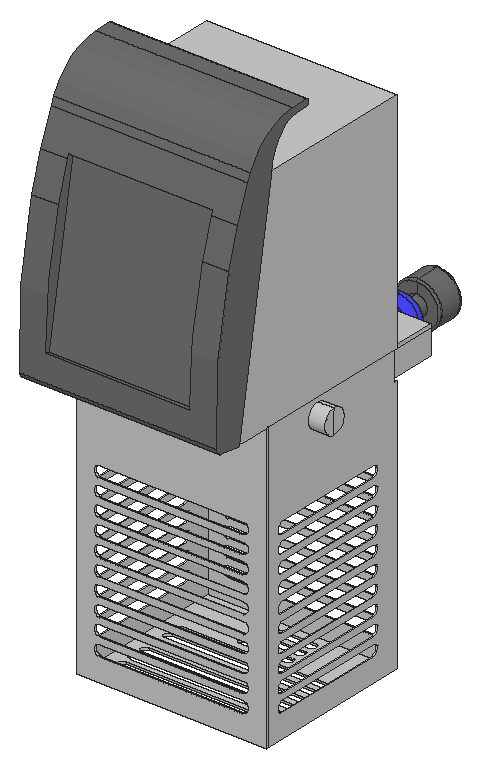
Revit family "SmartVide_5_GENERADO", category Equipos especializados, Revit 2016
Family settings
  Tipo de pieza = Normal
  Cota de conector redondo = Diámetro de uso
  Número OmniClass = 23.21.21.13
  Se basa en plano de trabajo = No
  Siempre vertical = Sí
  Corte con vacíos al cargar = No
  Compartido = No
  Punto de cálculo de habitación = No
Parameters (values of type "SmartVide 5 120/60/1")
  Width = 116 mm
  Weight in Pounds = 6.8
  Volts = 120 V
  URL Cutsheet = "http://www.sammic.com/dl/454964/8873e/ps-en-1180103-smartvide5.pdf"
  URL = "https://www.sammic.com/model/1180103"
  Specification by Manufacturer = "Commercial high-precision sous-vide cooker. Reliable, user-friendly, portable.\nInterchangeable between ºC and ºF.\n· Bluetooth connectivity.\n· HACCP-ready.\n· Optional core probe.\n· Firmware update."
  Show Logo [instance] = yes
  Show Clearances [instance] = yes
  Revision Code = "1"
  Phase = 1
  Modelo = "1180103"
  Height = 330 mm
  Foodservice Equipment Identifier = yes
  Fabricante = "SAMMIC S.L."
  FL Amps = 10 A
  Electric Connection Type = "USA"
  Descripción = "SmartVide 5 120/60/1"
  Depth = 128 mm
  Cycle = 50 Hz
  Comentarios de tipo = "Maximum capacity: 30 lt./ 8 gal."
Types (5, lengths in mm): name | Width | Volts | URL Cutsheet | URL | Phase | Modelo | Height | Fabricante | FL Amps | Electric Connection Type | Descripción | Depth | Comentarios de tipo
  (no name) | 0 | 0 V | "" | 0 | 0 | 0 | 0 | 0 | 0 A | "" | 0 | 0 | 0
  SmartVide 5 230/50-60/1 UK | 116 | 230 V | "http://www.sammic.com/dl/455517/48d0b/ps-en-1180101-smartvide5.pdf" | "https://www.sammic.com/model/1180101" | 1 | "1180101" | 330 | "SAMMIC S.L." | 7 A | "UK" | "SmartVide 5 230/50-60/1 UK" | 128 | "Maximum capacity: 30 lt./ 8 gal."
  SmartVide 5 230/50-60/1 AUS | 116 | 230 V | "http://www.sammic.com/dl/455518/c538e/ps-en-1180102-smartvide5.pdf" | "https://www.sammic.com/model/1180102" | 1 | "1180102" | 330 | "SAMMIC S.L." | 7 A | "AUS" | "SmartVide 5 230/50-60/1 AUS" | 128 | "Maximum capacity: 30 lt./ 8 gal."
  SmartVide 5 230/50-60/1 | 116 | 230 V | "http://www.sammic.com/dl/454963/f1f9c/ps-en-1180100-smartvide5.pdf" | "https://www.sammic.com/model/1180100" | 1 | "1180100" | 330 | "SAMMIC S.L." | 7 A | "EU" | "SmartVide 5 230/50-60/1" | 128 | "Maximum capacity: 30 lt./ 8 gal."
  SmartVide 5 120/60/1 | 116 | 120 V | "http://www.sammic.com/dl/454964/8873e/ps-en-1180103-smartvide5.pdf" | "https://www.sammic.com/model/1180103" | 1 | "1180103" | 330 | "SAMMIC S.L." | 10 A | "USA" | "SmartVide 5 120/60/1" | 128 | "Maximum capacity: 30 lt./ 8 gal."
Values of the unnamed type that differ from the named types
  Weight in Pounds = 0
  Specification by Manufacturer = ""
  Revision Code = ""
  Cycle = 0 Hz
Reference planes
  plane 1 "Centro (Frontal/Posterior)": y = 0
  plane 2: z = 0
  plane 3 "Centro (Izquierda/Derecha)": x = 0
Forms (mm)
  Revolve 1, solid
    sketch origin (0, -58.618, 0) x (1, 0, 0) y (0, 0, 1)
      loop
        line (-56, 160.005) -> (-66, 160.005) -> (-66, 153.005) -> (-56, 153.005) -> (-56, 160.005)
      loop
        line (56, 160.005) -> (56, 153.005) -> (66, 153.005) -> (66, 160.005) -> (56, 160.005)
      axis (-66, 160.005) -> (66, 160.005)
    angle from 0 to 360
  Extrusion 2, solid
    sketch origin (0, -2.108, 0) x (1, 0, 0) y (0, 0, 1)
      loop
        line (-18.4, 290.796) -> (-43.4, 290.796) -> (-43.4, 258.796) -> (-18.4, 258.796) -> (-18.4, 290.796)
    from -4.108 to -2.108
  Extrusion 3, solid
    sketch origin (0, 0, 0) x (0, 1, 0) y (0, 0, 1)
      loop
        line (2, 286.591) -> (2, 263.296) -> (3, 263.296) -> (3, 274.796) -> (8.25, 285.313) -> (2, 286.591)
    from -38.9 to -22.9
  Extrusion 4, solid
    sketch origin (0, 0, 0) x (1, 0, 0) y (0, 0, 1)
      loop
        circle (-31.999, 227.817) r 12.5
    from -26 to 0
Lines and regions (mm)
  symbolic lines, style "200-EquipBorder-2D"
    curve 1: line (-53.5, 28, 0) -> (-53.5, 0, 0)
    curve 2: line (-53.5, 0, 0) -> (-56, 0, 0)
    curve 3: line (-56, 0, 0) -> (-56, -51.618, 0)
    curve 4: line (-56, -51.618, 0) -> (-66, -51.618, 0)
    curve 5: line (-66, -51.618, 0) -> (-66, -65.618, 0)
    curve 6: line (-66, -65.618, 0) -> (-56, -65.618, 0)
    curve 7: line (-56, -65.618, 0) -> (-56, -68.014, 0)
    curve 8: line (-56, -68.014, 0) -> (-58.058, -68.014, 0)
    curve 9: line (-58.058, -68.014, 0) -> (-58.058, -135.853, 0)
    curve 10: line (-58.058, -135.853, 0) -> (58.082, -135.853, 0)
    curve 11: line (58.082, -135.853, 0) -> (58.082, -68.103, 0)
    curve 12: line (58.082, -68.103, 0) -> (56, -68.103, 0)
    curve 13: line (56, -68.103, 0) -> (56, -65.548, 0)
    curve 14: line (56, -65.548, 0) -> (66, -65.548, 0)
    curve 15: line (66, -65.548, 0) -> (66, -51.538, 0)
    curve 16: line (66, -51.538, 0) -> (56, -51.538, 0)
    curve 17: line (56, -51.538, 0) -> (56, 0, 0)
    curve 18: line (56, 0, 0) -> (53.5, 0, 0)
    curve 19: line (53.5, 0, 0) -> (53.5, 28, 0)
    curve 20: line (53.5, 28, 0) -> (7.405, 28, 0)
    curve 21: line (-5.85, 78.241, 0) -> (-5.85, 85, 0)
    curve 22: line (-5.85, 85, 0) -> (-12.48, 85, 0)
    curve 23: arc (-12.48, 85, 0) -> (-13.191, 85.273, 0) -> (-13.536, 85.951, 0) r 1.062
    curve 24: line (-13.536, 85.951, 0) -> (-13.536, 99.874, 0)
    curve 25: arc (-13.536, 99.874, 0) -> (-13.296, 100.673, 0) -> (-12.526, 100.996, 0) r 0.979
    curve 26: line (-12.526, 100.996, 0) -> (12.474, 100.996, 0)
    curve 27: arc (12.474, 100.996, 0) -> (13.232, 100.682, 0) -> (13.545, 99.925, 0) r 1.071
    curve 28: line (13.545, 99.925, 0) -> (13.545, 86.036, 0)
    curve 29: arc (13.545, 86.036, 0) -> (13.242, 85.304, 0) -> (12.509, 85, 0) r 1.036
    curve 30: line (12.509, 85, 0) -> (5.847, 85, 0)
    curve 31: line (5.847, 85, 0) -> (5.847, 78.241, 0)
    curve 32: line (5.847, 78.241, 0) -> (6.642, 78.241, 0)
    curve 33: line (-5.85, 78.241, 0) -> (-6.642, 78.241, 0)
    curve 34: line (-6.642, 78.241, 0) -> (-11.946, 74.097, 0)
    curve 35: line (-11.946, 71.575, 0) -> (-7.126, 67.809, 0)
    curve 36: line (-7.126, 67.084, 0) -> (-11.941, 63.322, 0)
    curve 37: line (-11.941, 60.8, 0) -> (-7.149, 57.056, 0)
    curve 38: line (-7.149, 56.278, 0) -> (-11.972, 52.51, 0)
    curve 39: line (-11.972, 49.988, 0) -> (-7.132, 46.207, 0)
    curve 40: line (-7.132, 45.457, 0) -> (-11.961, 41.685, 0)
    curve 41: line (-11.961, 39.163, 0) -> (-7.025, 35.306, 0)
    curve 42: line (-6.645, 34.528, 0) -> (-6.645, 32.958, 0)
    curve 43: arc (-6.645, 32.958, 0) -> (-6.926, 32.279, 0) -> (-7.605, 31.998, 0) r 0.96
    curve 44: arc (-7.605, 31.998, 0) -> (-9.604, 29.999, 0) -> (-7.605, 28, 0) r 1.999
    curve 45: line (6.642, 78.241, 0) -> (11.944, 74.098, 0)
    curve 46: line (11.944, 71.577, 0) -> (7.127, 67.813, 0)
    curve 47: line (7.127, 67.058, 0) -> (11.935, 63.301, 0)
    curve 48: line (11.935, 60.78, 0) -> (7.126, 57.022, 0)
    curve 49: line (7.126, 56.277, 0) -> (11.961, 52.499, 0)
    curve 50: line (11.961, 49.978, 0) -> (7.114, 46.191, 0)
    curve 51: line (7.114, 45.481, 0) -> (11.943, 41.709, 0)
    curve 52: line (11.943, 39.187, 0) -> (6.899, 35.246, 0)
    curve 53: line (6.518, 34.465, 0) -> (6.518, 33.049, 0)
    curve 54: arc (6.518, 33.049, 0) -> (6.771, 32.373, 0) -> (7.405, 32.029, 0) r 1.03
    curve 55: arc (7.405, 32.029, 0) -> (9.419, 30.014, 0) -> (7.405, 28, 0) r 2.014
    curve 56: line (-7.605, 28, 0) -> (-53.5, 28, 0)
    curve 57: arc (-11.946, 74.097, 0) -> (-12.561, 72.836, 0) -> (-11.946, 71.575, 0) r 1.6
    curve 58: arc (-11.941, 63.322, 0) -> (-12.556, 62.061, 0) -> (-11.941, 60.8, 0) r 1.6
    curve 59: arc (-11.972, 52.51, 0) -> (-12.587, 51.249, 0) -> (-11.972, 49.988, 0) r 1.6
    curve 60: arc (-11.961, 41.685, 0) -> (-12.576, 40.424, 0) -> (-11.961, 39.163, 0) r 1.6
    curve 61: arc (11.944, 74.098, 0) -> (12.559, 72.838, 0) -> (11.944, 71.577, 0) r 1.6
    curve 62: arc (11.935, 63.301, 0) -> (12.55, 62.041, 0) -> (11.935, 60.78, 0) r 1.6
    curve 63: arc (11.961, 52.499, 0) -> (12.576, 51.239, 0) -> (11.961, 49.978, 0) r 1.6
    curve 64: arc (11.943, 41.709, 0) -> (12.558, 40.448, 0) -> (11.943, 39.187, 0) r 1.6
    curve 65: arc (-7.126, 67.809, 0) -> (-6.949, 67.447, 0) -> (-7.126, 67.084, 0) r 0.46
    curve 66: arc (-7.149, 57.056, 0) -> (-6.959, 56.667, 0) -> (-7.149, 56.278, 0) r 0.493
    curve 67: arc (-7.132, 46.207, 0) -> (-6.949, 45.832, 0) -> (-7.132, 45.457, 0) r 0.475
    curve 68: arc (-7.025, 35.306, 0) -> (-6.745, 34.961, 0) -> (-6.645, 34.528, 0) r 0.988
    curve 69: arc (6.899, 35.246, 0) -> (6.618, 34.899, 0) -> (6.518, 34.465, 0) r 0.99
    curve 70: arc (7.114, 46.191, 0) -> (6.941, 45.836, 0) -> (7.114, 45.481, 0) r 0.45
    curve 71: arc (7.126, 57.022, 0) -> (6.944, 56.65, 0) -> (7.126, 56.277, 0) r 0.473
    curve 72: arc (7.127, 67.813, 0) -> (6.943, 67.436, 0) -> (7.127, 67.058, 0) r 0.479
Dimensions and locks
  aligned and locked: level to plane 2
Nested families
  nested 1: "SmartVide_5_Caja" at (0, 0, 0), type "SmartVide_5_Caja"
    with Show Logo yes, Show Clearances yes
  nested 2: "SmartVide_5_Mandos" at (0, 0, 0), type "SmartVide_5_Mandos"
    with Show Logo yes, Show Clearances yes
  nested 3: "SmartVide_5_Rejilla" at (0, 0, 0), type "SmartVide_5_Rejilla"
    with Show Logo yes, Show Clearances yes
  nested 4: "SmartVide_5_Separador" at (0, 0, 0), type "SmartVide_5_Separador"
    with Show Logo yes, Show Clearances yes
Connectors
  electrical at (-31.999, 26, 227.817)
    settings: on Extrusion 4, index 1, voltage 230 V, apparent load 0 VA, apparent load phase1 0 VA, apparent load phase2 0 VA, apparent load phase3 0 VA, power factor 1, load classification "Otro", number of poles 1, system type 31, power factor state 1, is connector primary yes, connector utility no, sub classification motor no, connector description "Conexion electrica"
Definition of nested family "SmartVide_5_Caja"
  Parameters
    Show Logo [instance] = yes
    Show Clearances [instance] = yes
  Reference planes
    plane 1 "Centro (Frontal/Posterior)": y = 0
    plane 2: z = 0
    plane 3 "Centro (Izquierda/Derecha)": x = 0
  Forms (mm)
    Extrusion 1, solid
      sketch origin (0, 0, 0) x (0, 1, 0) y (0, 0, 1)
        loop
          line (0, 303.334) -> (-95.806, 303.334) -> (-95.806, 302.134) -> (-119.069, 170.255) -> (-111.958, 169.002) -> (0, 169.002) -> (0, 303.334)
      from -56 to 56
  Dimensions and locks
    aligned and locked: level to plane 2
Definition of nested family "SmartVide_5_Mandos"
  Parameters
    Show Logo [instance] = yes
    Show Clearances [instance] = yes
  Reference planes
    plane 1 "Centro (Frontal/Posterior)": y = 0
    plane 2: z = 0
    plane 3 "Centro (Izquierda/Derecha)": x = 0
  Forms (mm)
    Extrusion 1, solid
      sketch origin (0, 326.695, -986.633) x (0, 1, 0) y (0, 0, 1)
        loop
          arc (-394.797, 1317.825) -> (-395.103, 1318.544) -> (-395.832, 1318.825) r 1
          line (-395.832, 1318.825) -> (-405.826, 1318.476)
          arc (-405.826, 1318.476) -> (-424.219, 1312.571) -> (-436.792, 1297.905) r 35.478
          line (-436.792, 1297.905) -> (-438.89, 1293.367) -> (-446.417, 1273.799) -> (-452.93, 1252.497)
          arc (-452.93, 1252.497) -> (-461.05, 1207.884) -> (-462.121, 1162.55) r 290.156
          arc (-462.121, 1162.55) -> (-460.942, 1159.785) -> (-458.263, 1158.423) r 4.4
          line (-458.263, 1158.423) -> (-445.764, 1156.888) -> (-422.42, 1289.855)
          arc (-422.42, 1289.855) -> (-421.342, 1296.223) -> (-419.081, 1302.275) r 34.106
          arc (-419.081, 1302.275) -> (-415.647, 1307.68) -> (-411.082, 1312.173) r 28.226
          arc (-411.082, 1312.173) -> (-407.467, 1314.203) -> (-403.409, 1315.057) r 13.685
          line (-403.409, 1315.057) -> (-395.569, 1315.332)
          arc (-395.569, 1315.332) -> (-395.022, 1315.575) -> (-394.797, 1316.131) r 0.8
          line (-394.797, 1316.131) -> (-394.797, 1317.825)
      from -58.081 to 58.082
    Extrusion 2, void
      sketch origin (0, -114.162, 0) x (0, 1, 0) y (0, 0, 1)
        loop
          line (-1.723, 289.222) -> (-9.593, 290.655) -> (-27.374, 192.972) -> (-19.503, 191.54) -> (-1.723, 289.222)
      from -42.5 to 42.5
  Cuts and joins
    Extrusion 2 cuts Extrusion 1
  Dimensions and locks
    aligned and locked: level to plane 2
Definition of nested family "SmartVide_5_Rejilla"
  Parameters
    Show Logo [instance] = yes
    Show Clearances [instance] = yes
  Reference planes
    plane 1 "Centro (Frontal/Posterior)": y = 0
    plane 2: z = 0
    plane 3 "Centro (Izquierda/Derecha)": x = 0
  Forms (mm)
    Extrusion 1, solid
      sketch origin (0, 154, 0) x (1, 0, 0) y (0, 0, 1)
        loop
          line (-56, 169.502) -> (-56, 0) -> (56, 0) -> (56, 169.502) -> (-56, 169.502)
        loop
          arc (-42, 115) -> (-45.5, 111.5) -> (-42, 108) r 3.5
          line (-42, 108) -> (42, 108)
          arc (42, 108) -> (45.5, 111.5) -> (42, 115) r 3.5
          line (42, 115) -> (-42, 115)
        loop
          arc (42, 97.5) -> (45.5, 101) -> (42, 104.5) r 3.5
          line (42, 104.5) -> (-42, 104.5)
          arc (-42, 104.5) -> (-45.5, 101) -> (-42, 97.5) r 3.5
          line (-42, 97.5) -> (42, 97.5)
        loop
          arc (-42, 94) -> (-45.5, 90.5) -> (-42, 87) r 3.5
          line (-42, 87) -> (42, 87)
          arc (42, 87) -> (45.5, 90.5) -> (42, 94) r 3.5
          line (42, 94) -> (-42, 94)
        loop
          arc (42, 76.5) -> (45.5, 80) -> (42, 83.5) r 3.5
          line (42, 83.5) -> (-42, 83.5)
          arc (-42, 83.5) -> (-45.5, 80) -> (-42, 76.5) r 3.5
          line (-42, 76.5) -> (42, 76.5)
        loop
          arc (42, 66) -> (45.5, 69.5) -> (42, 73) r 3.5
          line (42, 73) -> (-42, 73)
          arc (-42, 73) -> (-45.5, 69.5) -> (-42, 66) r 3.5
          line (-42, 66) -> (42, 66)
        loop
          arc (-42, 62.5) -> (-45.5, 59) -> (-42, 55.5) r 3.5
          line (-42, 55.5) -> (42, 55.5)
          arc (42, 55.5) -> (45.5, 59) -> (42, 62.5) r 3.5
          line (42, 62.5) -> (-42, 62.5)
        loop
          arc (42, 13.5) -> (45.5, 17) -> (42, 20.5) r 3.5
          line (42, 20.5) -> (-42, 20.5)
          arc (-42, 20.5) -> (-45.5, 17) -> (-42, 13.5) r 3.5
          line (-42, 13.5) -> (42, 13.5)
        loop
          arc (42, 24) -> (45.5, 27.5) -> (42, 31) r 3.5
          line (42, 31) -> (-42, 31)
          arc (-42, 31) -> (-45.5, 27.5) -> (-42, 24) r 3.5
          line (-42, 24) -> (42, 24)
        loop
          arc (42, 34.5) -> (45.5, 38) -> (42, 41.5) r 3.5
          line (42, 41.5) -> (-42, 41.5)
          arc (-42, 41.5) -> (-45.5, 38) -> (-42, 34.5) r 3.5
          line (-42, 34.5) -> (42, 34.5)
        loop
          arc (42, 45) -> (45.5, 48.5) -> (42, 52) r 3.5
          line (42, 52) -> (-42, 52)
          arc (-42, 52) -> (-45.5, 48.5) -> (-42, 45) r 3.5
          line (-42, 45) -> (42, 45)
      from 249 to 250
    Extrusion 2, solid
      sketch origin (0, 0, 0) x (0, 1, 0) y (0, 0, 1)
        loop
          line (-17.5, 115) -> (-84.5, 115)
          arc (-84.5, 115) -> (-88, 111.5) -> (-84.5, 108) r 3.5
          line (-84.5, 108) -> (-17.5, 108)
          arc (-17.5, 108) -> (-14, 111.5) -> (-17.5, 115) r 3.5
        loop
          line (-17.5, 104.5) -> (-84.5, 104.5)
          arc (-84.5, 104.5) -> (-88, 101) -> (-84.5, 97.5) r 3.5
          line (-84.5, 97.5) -> (-17.5, 97.5)
          arc (-17.5, 97.5) -> (-14, 101) -> (-17.5, 104.5) r 3.5
        loop
          line (-17.5, 94) -> (-84.5, 94)
          arc (-84.5, 94) -> (-88, 90.5) -> (-84.5, 87) r 3.5
          line (-84.5, 87) -> (-17.5, 87)
          arc (-17.5, 87) -> (-14, 90.5) -> (-17.5, 94) r 3.5
        loop
          line (-17.5, 83.5) -> (-84.5, 83.5)
          arc (-84.5, 83.5) -> (-88, 80) -> (-84.5, 76.5) r 3.5
          line (-84.5, 76.5) -> (-17.5, 76.5)
          arc (-17.5, 76.5) -> (-14, 80) -> (-17.5, 83.5) r 3.5
        loop
          line (-17.5, 73) -> (-84.5, 73)
          arc (-84.5, 73) -> (-88, 69.5) -> (-84.5, 66) r 3.5
          line (-84.5, 66) -> (-17.5, 66)
          arc (-17.5, 66) -> (-14, 69.5) -> (-17.5, 73) r 3.5
        loop
          line (-17.5, 62.5) -> (-84.5, 62.5)
          arc (-84.5, 62.5) -> (-88, 59) -> (-84.5, 55.5) r 3.5
          line (-84.5, 55.5) -> (-17.5, 55.5)
          arc (-17.5, 55.5) -> (-14, 59) -> (-17.5, 62.5) r 3.5
        loop
          line (-17.5, 52) -> (-84.5, 52)
          arc (-84.5, 52) -> (-88, 48.5) -> (-84.5, 45) r 3.5
          line (-84.5, 45) -> (-17.5, 45)
          arc (-17.5, 45) -> (-14, 48.5) -> (-17.5, 52) r 3.5
        loop
          line (-17.5, 41.5) -> (-84.5, 41.5)
          arc (-84.5, 41.5) -> (-88, 38) -> (-84.5, 34.5) r 3.5
          line (-84.5, 34.5) -> (-17.5, 34.5)
          arc (-17.5, 34.5) -> (-14, 38) -> (-17.5, 41.5) r 3.5
        loop
          line (-84.5, 24) -> (-17.5, 24)
          arc (-17.5, 24) -> (-14, 27.5) -> (-17.5, 31) r 3.5
          line (-17.5, 31) -> (-84.5, 31)
          arc (-84.5, 31) -> (-88, 27.5) -> (-84.5, 24) r 3.5
        loop
          line (-17.5, 20.5) -> (-84.5, 20.5)
          arc (-84.5, 20.5) -> (-88, 17) -> (-84.5, 13.5) r 3.5
          line (-84.5, 13.5) -> (-17.5, 13.5)
          arc (-17.5, 13.5) -> (-14, 17) -> (-17.5, 20.5) r 3.5
        loop
          circle (-58.618, 160.005) r 4
        loop
          line (-2, 169.002) -> (-95, 169.002) -> (-95, 0) -> (0, 0) -> (0, 152.002) -> (-2, 152.002) -> (-2, 169.002)
      from -56 to -55
    Extrusion 3, solid
      sketch origin (111, 0, 0) x (0, 1, 0) y (0, 0, 1)
        loop
          line (-17.5, 115) -> (-84.5, 115)
          arc (-84.5, 115) -> (-88, 111.5) -> (-84.5, 108) r 3.5
          line (-84.5, 108) -> (-17.5, 108)
          arc (-17.5, 108) -> (-14, 111.5) -> (-17.5, 115) r 3.5
        loop
          line (-17.5, 104.5) -> (-84.5, 104.5)
          arc (-84.5, 104.5) -> (-88, 101) -> (-84.5, 97.5) r 3.5
          line (-84.5, 97.5) -> (-17.5, 97.5)
          arc (-17.5, 97.5) -> (-14, 101) -> (-17.5, 104.5) r 3.5
        loop
          line (-17.5, 94) -> (-84.5, 94)
          arc (-84.5, 94) -> (-88, 90.5) -> (-84.5, 87) r 3.5
          line (-84.5, 87) -> (-17.5, 87)
          arc (-17.5, 87) -> (-14, 90.5) -> (-17.5, 94) r 3.5
        loop
          line (-17.5, 83.5) -> (-84.5, 83.5)
          arc (-84.5, 83.5) -> (-88, 80) -> (-84.5, 76.5) r 3.5
          line (-84.5, 76.5) -> (-17.5, 76.5)
          arc (-17.5, 76.5) -> (-14, 80) -> (-17.5, 83.5) r 3.5
        loop
          line (-17.5, 73) -> (-84.5, 73)
          arc (-84.5, 73) -> (-88, 69.5) -> (-84.5, 66) r 3.5
          line (-84.5, 66) -> (-17.5, 66)
          arc (-17.5, 66) -> (-14, 69.5) -> (-17.5, 73) r 3.5
        loop
          line (-17.5, 62.5) -> (-84.5, 62.5)
          arc (-84.5, 62.5) -> (-88, 59) -> (-84.5, 55.5) r 3.5
          line (-84.5, 55.5) -> (-17.5, 55.5)
          arc (-17.5, 55.5) -> (-14, 59) -> (-17.5, 62.5) r 3.5
        loop
          line (-17.5, 52) -> (-84.5, 52)
          arc (-84.5, 52) -> (-88, 48.5) -> (-84.5, 45) r 3.5
          line (-84.5, 45) -> (-17.5, 45)
          arc (-17.5, 45) -> (-14, 48.5) -> (-17.5, 52) r 3.5
        loop
          line (-17.5, 41.5) -> (-84.5, 41.5)
          arc (-84.5, 41.5) -> (-88, 38) -> (-84.5, 34.5) r 3.5
          line (-84.5, 34.5) -> (-17.5, 34.5)
          arc (-17.5, 34.5) -> (-14, 38) -> (-17.5, 41.5) r 3.5
        loop
          line (-84.5, 24) -> (-17.5, 24)
          arc (-17.5, 24) -> (-14, 27.5) -> (-17.5, 31) r 3.5
          line (-17.5, 31) -> (-84.5, 31)
          arc (-84.5, 31) -> (-88, 27.5) -> (-84.5, 24) r 3.5
        loop
          line (-17.5, 20.5) -> (-84.5, 20.5)
          arc (-84.5, 20.5) -> (-88, 17) -> (-84.5, 13.5) r 3.5
          line (-84.5, 13.5) -> (-17.5, 13.5)
          arc (-17.5, 13.5) -> (-14, 17) -> (-17.5, 20.5) r 3.5
        loop
          circle (-58.618, 160.005) r 4
        loop
          line (-2, 169.002) -> (-95, 169.002) -> (-95, 0) -> (0, 0) -> (0, 152.002) -> (-2, 152.002) -> (-2, 169.002)
      from -56 to -55
    Extrusion 4, solid
      sketch origin (0, 249, 0) x (1, 0, 0) y (0, 0, 1)
        loop
          line (-55, 152.002) -> (-55, 0) -> (55, 0) -> (55, 152.002) -> (-55, 152.002)
        loop
          arc (-42, 115) -> (-45.5, 111.5) -> (-42, 108) r 3.5
          line (-42, 108) -> (42, 108)
          arc (42, 108) -> (45.5, 111.5) -> (42, 115) r 3.5
          line (42, 115) -> (-42, 115)
        loop
          arc (42, 97.5) -> (45.5, 101) -> (42, 104.5) r 3.5
          line (42, 104.5) -> (-42, 104.5)
          arc (-42, 104.5) -> (-45.5, 101) -> (-42, 97.5) r 3.5
          line (-42, 97.5) -> (42, 97.5)
        loop
          arc (-42, 94) -> (-45.5, 90.5) -> (-42, 87) r 3.5
          line (-42, 87) -> (42, 87)
          arc (42, 87) -> (45.5, 90.5) -> (42, 94) r 3.5
          line (42, 94) -> (-42, 94)
        loop
          arc (42, 76.5) -> (45.5, 80) -> (42, 83.5) r 3.5
          line (42, 83.5) -> (-42, 83.5)
          arc (-42, 83.5) -> (-45.5, 80) -> (-42, 76.5) r 3.5
          line (-42, 76.5) -> (42, 76.5)
        loop
          arc (42, 66) -> (45.5, 69.5) -> (42, 73) r 3.5
          line (42, 73) -> (-42, 73)
          arc (-42, 73) -> (-45.5, 69.5) -> (-42, 66) r 3.5
          line (-42, 66) -> (42, 66)
        loop
          arc (-42, 62.5) -> (-45.5, 59) -> (-42, 55.5) r 3.5
          line (-42, 55.5) -> (42, 55.5)
          arc (42, 55.5) -> (45.5, 59) -> (42, 62.5) r 3.5
          line (42, 62.5) -> (-42, 62.5)
        loop
          arc (42, 13.5) -> (45.5, 17) -> (42, 20.5) r 3.5
          line (42, 20.5) -> (-42, 20.5)
          arc (-42, 20.5) -> (-45.5, 17) -> (-42, 13.5) r 3.5
          line (-42, 13.5) -> (42, 13.5)
        loop
          arc (42, 24) -> (45.5, 27.5) -> (42, 31) r 3.5
          line (42, 31) -> (-42, 31)
          arc (-42, 31) -> (-45.5, 27.5) -> (-42, 24) r 3.5
          line (-42, 24) -> (42, 24)
        loop
          arc (42, 34.5) -> (45.5, 38) -> (42, 41.5) r 3.5
          line (42, 41.5) -> (-42, 41.5)
          arc (-42, 41.5) -> (-45.5, 38) -> (-42, 34.5) r 3.5
          line (-42, 34.5) -> (42, 34.5)
        loop
          arc (42, 45) -> (45.5, 48.5) -> (42, 52) r 3.5
          line (42, 52) -> (-42, 52)
          arc (-42, 52) -> (-45.5, 48.5) -> (-42, 45) r 3.5
          line (-42, 45) -> (42, 45)
      from 249 to 250
    Extrusion 5, solid
      sketch origin (-139.438, 12.259, 0) x (1, 0, 0) y (0, 1, 0)
        loop
          line (84.438, -13.259) -> (84.438, -107.259) -> (194.438, -107.259) -> (194.438, -13.259) -> (84.438, -13.259)
        loop
          line (153.188, -19.109) -> (125.688, -19.109)
          arc (125.688, -19.109) -> (123.188, -21.609) -> (125.688, -24.109) r 2.5
          line (125.688, -24.109) -> (153.188, -24.109)
          arc (153.188, -24.109) -> (155.688, -21.609) -> (153.188, -19.109) r 2.5
        loop
          line (153.188, -27.609) -> (125.688, -27.609)
          arc (125.688, -27.609) -> (123.188, -30.109) -> (125.688, -32.609) r 2.5
          line (125.688, -32.609) -> (153.188, -32.609)
          arc (153.188, -32.609) -> (155.688, -30.109) -> (153.188, -27.609) r 2.5
        loop
          line (153.188, -36.109) -> (125.688, -36.109)
          arc (125.688, -36.109) -> (123.188, -38.609) -> (125.688, -41.109) r 2.5
          line (125.688, -41.109) -> (153.188, -41.109)
          arc (153.188, -41.109) -> (155.688, -38.609) -> (153.188, -36.109) r 2.5
        loop
          line (183.688, -44.609) -> (95.188, -44.609)
          arc (95.188, -44.609) -> (92.688, -47.109) -> (95.188, -49.609) r 2.5
          line (95.188, -49.609) -> (183.688, -49.609)
          arc (183.688, -49.609) -> (186.188, -47.109) -> (183.688, -44.609) r 2.5
        loop
          line (183.688, -53.109) -> (95.188, -53.109)
          arc (95.188, -53.109) -> (92.688, -55.609) -> (95.188, -58.109) r 2.5
          line (95.188, -58.109) -> (183.688, -58.109)
          arc (183.688, -58.109) -> (186.188, -55.609) -> (183.688, -53.109) r 2.5
        loop
          line (183.688, -61.609) -> (95.188, -61.609)
          arc (95.188, -61.609) -> (92.688, -64.109) -> (95.188, -66.609) r 2.5
          line (95.188, -66.609) -> (183.688, -66.609)
          arc (183.688, -66.609) -> (186.188, -64.109) -> (183.688, -61.609) r 2.5
        loop
          line (183.688, -70.109) -> (95.188, -70.109)
          arc (95.188, -70.109) -> (92.688, -72.609) -> (95.188, -75.109) r 2.5
          line (95.188, -75.109) -> (183.688, -75.109)
          arc (183.688, -75.109) -> (186.188, -72.609) -> (183.688, -70.109) r 2.5
        loop
          line (183.688, -78.609) -> (95.188, -78.609)
          arc (95.188, -78.609) -> (92.688, -81.109) -> (95.188, -83.609) r 2.5
          line (95.188, -83.609) -> (183.688, -83.609)
          arc (183.688, -83.609) -> (186.188, -81.109) -> (183.688, -78.609) r 2.5
        loop
          line (183.688, -87.109) -> (95.188, -87.109)
          arc (95.188, -87.109) -> (92.688, -89.609) -> (95.188, -92.109) r 2.5
          line (95.188, -92.109) -> (183.688, -92.109)
          arc (183.688, -92.109) -> (186.188, -89.609) -> (183.688, -87.109) r 2.5
        loop
          line (183.688, -95.609) -> (95.188, -95.609)
          arc (95.188, -95.609) -> (92.688, -98.109) -> (95.188, -100.609) r 2.5
          line (95.188, -100.609) -> (183.688, -100.609)
          arc (183.688, -100.609) -> (186.188, -98.109) -> (183.688, -95.609) r 2.5
      from 0 to 1
  Dimensions and locks
    aligned and locked: level to plane 2
Definition of nested family "SmartVide_5_Separador"
  Parameters
    Show Logo [instance] = yes
    Show Clearances [instance] = yes
  Reference planes
    plane 1 "Centro (Frontal/Posterior)": y = 0
    plane 2: z = 0
    plane 3 "Centro (Izquierda/Derecha)": x = 0
    plane 4: z = 135.002
  Forms (mm)
    Extrusion 1, solid
      sketch origin (0, 0, 0) x (0, 1, 0) y (0, 0, 1)
        loop
          line (-8, 152.002) -> (28, 152.002) -> (28, 167.002) -> (-22.5, 167.002) -> (-22.5, 136.128) -> (-21.294, 130.1)
          arc (-21.294, 130.1) -> (-19.976, 128.599) -> (-18.016, 128.987) r 2
          line (-18.016, 128.987) -> (-12.024, 134.23)
          arc (-12.024, 134.23) -> (-11.26, 135.265) -> (-11, 136.526) r 3
          line (-11, 136.526) -> (-11, 149.002)
          arc (-11, 149.002) -> (-10.121, 151.123) -> (-8, 152.002) r 3
      from -53.5 to -51.5
    Extrusion 2, solid
      sketch origin (105, 0, 0) x (0, 1, 0) y (0, 0, 1)
        loop
          line (-8, 152.002) -> (28, 152.002) -> (28, 167.002) -> (-22.5, 167.002) -> (-22.5, 136.128) -> (-21.294, 130.1)
          arc (-21.294, 130.1) -> (-19.976, 128.599) -> (-18.016, 128.987) r 2
          line (-18.016, 128.987) -> (-12.024, 134.23)
          arc (-12.024, 134.23) -> (-11.26, 135.265) -> (-11, 136.526) r 3
          line (-11, 136.526) -> (-11, 149.002)
          arc (-11, 149.002) -> (-10.121, 151.123) -> (-8, 152.002) r 3
      from -53.5 to -51.5
    Extrusion 3, solid
      sketch origin (0, 0, 0) x (1, 0, 0) y (0, 1, 0)
        loop
          line (-53.5, -22.5) -> (53.5, -22.5) -> (53.5, 28) -> (-53.5, 28) -> (-53.5, -22.5)
      from 167.002 to 169.002
    Extrusion 4, solid
      sketch origin (0, 0, 0) x (1, 0, 0) y (0, 0, 1)
        loop
          line (-51.5, 150.602) -> (-14.791, 124.905)
          arc (-14.791, 124.905) -> (-13.427, 124.233) -> (-11.924, 124.002) r 5
          line (-11.924, 124.002) -> (11.924, 124.002)
          arc (11.924, 124.002) -> (13.427, 124.233) -> (14.791, 124.905) r 5
          line (14.791, 124.905) -> (51.5, 150.602) -> (51.5, 167.002) -> (-51.5, 167.002) -> (-51.5, 150.602)
        loop
          circle (0, 135.002) r 2.5
      from -28 to -26
    Revolve 5, solid
      sketch origin (0, 315.803, -385.93) x (0, 1, 0) y (0, 0, 1)
        loop
          line (-329.803, 520.931) -> (-214.803, 520.931) -> (-214.803, 533.482)
          arc (-214.803, 533.482) -> (-215.096, 534.189) -> (-215.803, 534.482) r 1
          line (-215.803, 534.482) -> (-229.803, 534.482)
          arc (-229.803, 534.482) -> (-230.51, 534.189) -> (-230.803, 533.482) r 1
          line (-230.803, 533.482) -> (-230.803, 526.781) -> (-237.563, 526.781) -> (-237.563, 524.896) -> (-300.803, 524.896) -> (-300.803, 525.931) -> (-303.803, 525.931)
          arc (-303.803, 525.931) -> (-304.157, 525.785) -> (-304.303, 525.431) r 0.5
          line (-304.303, 525.431) -> (-304.303, 523.931) -> (-329.803, 523.931) -> (-329.803, 520.931)
        axis (-214.803, 520.931) -> (-329.803, 520.931)
      angle from 0 to 360
    Revolve 6, solid
      sketch origin (0, 315.803, -385.93) x (0, 1, 0) y (0, 0, 1)
        loop
          line (-287.803, 520.931) -> (-237.563, 520.931) -> (-237.563, 527.573) -> (-241.707, 532.879)
          arc (-241.707, 532.879) -> (-242.968, 533.494) -> (-244.229, 532.879) r 1.6
          line (-244.229, 532.879) -> (-247.98, 528.078)
          arc (-247.98, 528.078) -> (-248.374, 527.886) -> (-248.768, 528.078) r 0.5
          line (-248.768, 528.078) -> (-252.519, 532.879)
          arc (-252.519, 532.879) -> (-253.78, 533.494) -> (-255.04, 532.879) r 1.6
          line (-255.04, 532.879) -> (-258.791, 528.078)
          arc (-258.791, 528.078) -> (-259.185, 527.886) -> (-259.579, 528.078) r 0.5
          line (-259.579, 528.078) -> (-263.33, 532.879)
          arc (-263.33, 532.879) -> (-264.591, 533.494) -> (-265.852, 532.879) r 1.6
          line (-265.852, 532.879) -> (-269.603, 528.078)
          arc (-269.603, 528.078) -> (-269.997, 527.886) -> (-270.391, 528.078) r 0.5
          line (-270.391, 528.078) -> (-274.141, 532.879)
          arc (-274.141, 532.879) -> (-275.402, 533.494) -> (-276.663, 532.879) r 1.6
          line (-276.663, 532.879) -> (-280.541, 527.915)
          arc (-280.541, 527.915) -> (-280.89, 527.632) -> (-281.329, 527.531) r 1
          line (-281.329, 527.531) -> (-282.806, 527.531)
          arc (-282.806, 527.531) -> (-283.501, 527.812) -> (-283.805, 528.498) r 1
          arc (-283.805, 528.498) -> (-285.864, 530.43) -> (-287.803, 528.378) r 2
          line (-287.803, 528.378) -> (-287.803, 520.931)
        axis (-287.803, 520.931) -> (-237.563, 520.931)
      angle from 0 to 360
  Dimensions and locks
    aligned and locked: level to plane 2
